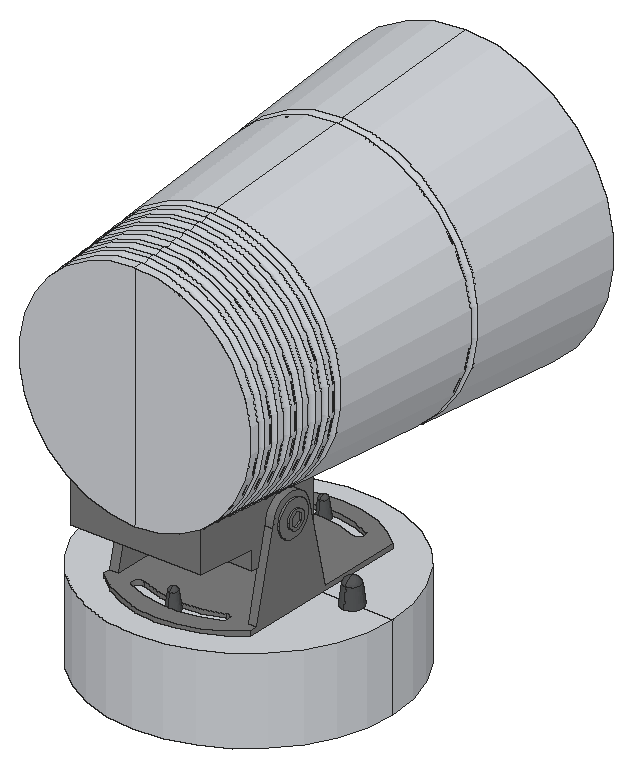
Revit family "REFLECTOR LANDSCAPE 01_RM16W.2.18", category Luminarias, Revit 2019
Family settings
  Cota de conector redondo = Diámetro de uso
  Tipo de pieza = Normal
  Se basa en plano de trabajo = Sí
  Siempre vertical = No
  Corte con vacíos al cargar = No
  Origen de luz = Sí
  Compartido = No
  Punto de cálculo de habitación = No
Parameters (values of type "RM16W.2.18")
  Ángulo de inclinación = 32.00°
  Zone [instance] = ""
  Watt per fixture = 17
  Wattage = 17 W
  built-in parameter 1150107 = 3000 (stored number, unit not read)
  built-in parameter 1150110 = 1 (stored number, unit not read)
  built-in parameter 1150109 = 1 (stored number, unit not read)
  built-in parameter 1150112 = 1 (stored number, unit not read)
  built-in parameter 1150113 = 1 (stored number, unit not read)
  built-in parameter 1114218 = 1 (stored number, unit not read)
  Keynote = ""
  built-in parameter 1150137 = (empty or 0)
  built-in parameter 1150132 = (empty or 0)
  Modelo = "RM16W.2.18"
  Lámpara = "NICHIA"
  built-in parameter 1150105 = 97.47 (stored number, unit not read)
  built-in parameter 1150102 = (empty or 0)
  built-in parameter 1150106 = 0.9747 (stored number, unit not read)
  Lumens = 1224.85 lm
  Color Filter = 16777215
  built-in parameter 1114217 = 1 (stored number, unit not read)
  built-in parameter 1150139 = (empty or 0)
  Fabricante = "BRILLANT"
  Default Elevation = 0 mm
  built-in parameter 1150104 = 6.6937 (stored number, unit not read)
  Descripción = "LUMINARIA TIPO REFLECTOR MONOCROMATICO DIRIGIBLE, CUERPO EN ALUMINIO FUNDIDO A PRESION CUBIERTO DE POLVO GRIS OSCURO Y VIDRIO TEMPLADO DE 3MM, CON UN PESO DE 2KG, CON 130MM DE LARGO POR 170MM DE ALTURA POR 110MM DE DIAMETRO, CUENTA CON 1 LED TIPO NICHIA CON UN CONSUMO DE 17W, 1225 LUMENES, IP 66, IRC 80, IK06, CABLE H05RN DE 0.5M, APERTURA DE 18 GRADOS POR PROYECTO, ALIMENTADA A 100-277V. ACCESORIOS OPCIONALES."
  built-in parameter 1150115 = 1 (stored number, unit not read)
  built-in parameter 1150114 = 1 (stored number, unit not read)
  Comentarios de vataje = "100-277V"
  built-in parameter 1150138 = (empty or 0)
  built-in parameter 1150134 = (empty or 0)
  Circuit [instance] = ""
  Dimming Lamp Color Temperature Shift = 1
  Archivo de red fotométrica = "RM16W.2_18º.ies"
  built-in parameter 1150133 = 10 (stored number, unit not read)
Reference planes
  plane 1 "Centro (Frontal/Posterior)": y = 0
  plane 2: z = 0
  plane 3 "Centro (Izquierda/Derecha)": x = 0
  plane 4: z = 170
Forms (mm)
  Revolve 1, solid, not visible
    sketch origin (-170.518, 44.498, 38.393) x (-1, 0, 0) y (0, 0, -1)
      loop
        line (92.846, -301.911) -> (92.846, -298.113) -> (82.028, -298.113)
        arc (82.028, -298.113) -> (87.129, -300.888) -> (92.846, -301.911) r 18.17
      axis (92.846, -298.113) -> (92.846, -301.911)
    angle from 0 to 360
  Extrusion 2, solid, material "Aluminio", not visible
    sketch origin (0, 0, 0) x (0, 1, 0) y (0, 0, 1)
      loop
        line (104, 336.506) -> (-104, 336.506) -> (-104, 228.571) -> (-94, 228.571)
        arc (-94, 228.571) -> (0, 201.039) -> (94, 228.571) r 174.234
        line (94, 228.571) -> (104, 228.571) -> (104, 336.506)
    from -339.373 to 342.161
  Extrusion 3, solid, material "Aluminio", not visible
    sketch origin (0, 0, 0) x (1, 0, 0) y (0, 1, 0)
      loop
        arc (-299.373, 104) -> (-315.725, 100.505) -> (-329.219, 90.632) r 40
        arc (-329.219, 90.632) -> (-323.254, 83.056) -> (-331.965, 87.19) r 4.952
        arc (-331.965, 87.19) -> (-337.476, 76.172) -> (-339.373, 64) r 40
        line (-339.373, 64) -> (-339.373, 1.506)
        arc (-339.373, 1.506) -> (-329.699, 0.016) -> (-339.373, -1.475) r 4.952
        line (-339.373, -1.475) -> (-339.373, -64)
        arc (-339.373, -64) -> (-337.476, -76.172) -> (-331.965, -87.19) r 40
        arc (-331.965, -87.19) -> (-323.254, -83.056) -> (-329.219, -90.632) r 4.952
        arc (-329.219, -90.632) -> (-315.725, -100.505) -> (-299.373, -104) r 40
        line (-299.373, -104) -> (-226.105, -104)
        arc (-226.105, -104) -> (-224.373, -94.409) -> (-222.642, -104) r 4.952
        line (-222.642, -104) -> (-77.408, -104)
        arc (-77.408, -104) -> (-75, -94.721) -> (-72.592, -104) r 4.952
        line (-72.592, -104) -> (-2.408, -104)
        arc (-2.408, -104) -> (0, -94.721) -> (2.408, -104) r 4.952
        line (2.408, -104) -> (72.592, -104)
        arc (72.592, -104) -> (75, -94.721) -> (77.408, -104) r 4.952
        line (77.408, -104) -> (177.592, -104)
        arc (177.592, -104) -> (180, -94.721) -> (182.408, -104) r 4.952
        line (182.408, -104) -> (302.161, -104)
        arc (302.161, -104) -> (318.513, -100.505) -> (332.007, -90.632) r 40
        arc (332.007, -90.632) -> (326.043, -83.056) -> (334.754, -87.19) r 4.952
        arc (334.754, -87.19) -> (340.265, -76.172) -> (342.161, -64) r 40
        line (342.161, -64) -> (342.161, -1.475)
        arc (342.161, -1.475) -> (332.487, 0.016) -> (342.161, 1.506) r 4.952
        line (342.161, 1.506) -> (342.161, 64)
        arc (342.161, 64) -> (340.265, 76.172) -> (334.754, 87.19) r 40
        arc (334.754, 87.19) -> (326.043, 83.056) -> (332.007, 90.632) r 4.952
        arc (332.007, 90.632) -> (318.513, 100.505) -> (302.161, 104) r 40
        line (302.161, 104) -> (182.408, 104)
        arc (182.408, 104) -> (180, 94.721) -> (177.592, 104) r 4.952
        line (177.592, 104) -> (77.408, 104)
        arc (77.408, 104) -> (75, 94.721) -> (72.592, 104) r 4.952
        line (72.592, 104) -> (2.408, 104)
        arc (2.408, 104) -> (0, 94.721) -> (-2.408, 104) r 4.952
        line (-2.408, 104) -> (-72.592, 104)
        arc (-72.592, 104) -> (-75, 94.721) -> (-77.408, 104) r 4.952
        line (-77.408, 104) -> (-221.965, 104)
        arc (-221.965, 104) -> (-224.373, 94.721) -> (-226.781, 104) r 4.952
        line (-226.781, 104) -> (-299.373, 104)
      loop
        arc (-299.373, 79) -> (-309.98, 74.607) -> (-314.373, 64) r 15
        line (-314.373, 64) -> (-314.373, -64)
        arc (-314.373, -64) -> (-309.98, -74.607) -> (-299.373, -79) r 15
        line (-299.373, -79) -> (302.161, -79)
        arc (302.161, -79) -> (312.768, -74.607) -> (317.161, -64) r 15
        line (317.161, -64) -> (317.161, 64)
        arc (317.161, 64) -> (312.768, 74.607) -> (302.161, 79) r 15
        line (302.161, 79) -> (-299.373, 79)
    from 336.506 to 345
  Extrusion 4, void, not visible
    sketch origin (0, 0, 0) x (1, 0, 0) y (0, 1, 0)
      loop
        arc (-339.373, 64) -> (-327.658, 92.284) -> (-299.373, 104) r 40
        line (-299.373, 104) -> (-339.373, 104) -> (-339.373, 64)
      loop
        line (-339.373, -64) -> (-339.373, -104) -> (-299.373, -104)
        arc (-299.373, -104) -> (-327.658, -92.284) -> (-339.373, -64) r 40
      loop
        line (342.161, 64) -> (342.161, 104) -> (302.161, 104)
        arc (302.161, 104) -> (330.446, 92.284) -> (342.161, 64) r 40
      loop
        arc (342.161, -64) -> (330.446, -92.284) -> (302.161, -104) r 40
        line (302.161, -104) -> (342.161, -104) -> (342.161, -64)
    from 176.462 to 336.506
  Extrusion 5, void, not visible
    sketch origin (0, 0, 0) x (1, 0, 0) y (0, 0, 1)
      loop
        line (-339.373, 184.64) -> (-274.373, 184.64) -> (-274.373, 259.64) -> (-339.373, 259.64) -> (-339.373, 184.64)
    from -104 to 104
  Extrusion 6, solid, material "Cristal", not visible
    sketch origin (0, 0, 0) x (1, 0, 0) y (0, 1, 0)
      loop
        arc (-299.373, 79) -> (-309.98, 74.607) -> (-314.373, 64) r 15
        line (-314.373, 64) -> (-314.373, -64)
        arc (-314.373, -64) -> (-309.98, -74.607) -> (-299.373, -79) r 15
        line (-299.373, -79) -> (302.161, -79)
        arc (302.161, -79) -> (312.768, -74.607) -> (317.161, -64) r 15
        line (317.161, -64) -> (317.161, 64)
        arc (317.161, 64) -> (312.768, 74.607) -> (302.161, 79) r 15
        line (302.161, 79) -> (-299.373, 79)
    from 342.509 to 345
  Revolve 7, solid, not visible
    sketch origin (356.21, 44.498, 38.393) x (-1, 0, 0) y (0, 0, -1)
      loop
        line (92.846, -301.911) -> (92.846, -298.113) -> (82.028, -298.113)
        arc (82.028, -298.113) -> (87.129, -300.888) -> (92.846, -301.911) r 18.17
      axis (92.846, -298.113) -> (92.846, -301.911)
    angle from 0 to 360
  Revolve 8, solid, not visible
    sketch origin (-104.677, 44.498, 38.393) x (-1, 0, 0) y (0, 0, -1)
      loop
        line (92.846, -301.911) -> (92.846, -298.113) -> (82.028, -298.113)
        arc (82.028, -298.113) -> (87.129, -300.888) -> (92.846, -301.911) r 18.17
      axis (92.846, -298.113) -> (92.846, -301.911)
    angle from 0 to 360
  Revolve 9, solid, not visible
    sketch origin (-38.836, 44.498, 38.393) x (-1, 0, 0) y (0, 0, -1)
      loop
        line (92.846, -301.911) -> (92.846, -298.113) -> (82.028, -298.113)
        arc (82.028, -298.113) -> (87.129, -300.888) -> (92.846, -301.911) r 18.17
      axis (92.846, -298.113) -> (92.846, -301.911)
    angle from 0 to 360
  Revolve 10, solid, not visible
    sketch origin (27.005, 44.498, 38.393) x (-1, 0, 0) y (0, 0, -1)
      loop
        line (92.846, -301.911) -> (92.846, -298.113) -> (82.028, -298.113)
        arc (82.028, -298.113) -> (87.129, -300.888) -> (92.846, -301.911) r 18.17
      axis (92.846, -298.113) -> (92.846, -301.911)
    angle from 0 to 360
  Revolve 11, solid, not visible
    sketch origin (92.846, 44.498, 38.393) x (-1, 0, 0) y (0, 0, -1)
      loop
        line (92.846, -301.911) -> (92.846, -298.113) -> (82.028, -298.113)
        arc (82.028, -298.113) -> (87.129, -300.888) -> (92.846, -301.911) r 18.17
      axis (92.846, -298.113) -> (92.846, -301.911)
    angle from 0 to 360
  Revolve 12, solid, not visible
    sketch origin (158.687, 44.498, 38.393) x (-1, 0, 0) y (0, 0, -1)
      loop
        line (92.846, -301.911) -> (92.846, -298.113) -> (82.028, -298.113)
        arc (82.028, -298.113) -> (87.129, -300.888) -> (92.846, -301.911) r 18.17
      axis (92.846, -298.113) -> (92.846, -301.911)
    angle from 0 to 360
  Revolve 13, solid, not visible
    sketch origin (224.528, 44.498, 38.393) x (-1, 0, 0) y (0, 0, -1)
      loop
        line (92.846, -301.911) -> (92.846, -298.113) -> (82.028, -298.113)
        arc (82.028, -298.113) -> (87.129, -300.888) -> (92.846, -301.911) r 18.17
      axis (92.846, -298.113) -> (92.846, -301.911)
    angle from 0 to 360
  Revolve 14, solid, not visible
    sketch origin (290.369, 44.498, 38.393) x (-1, 0, 0) y (0, 0, -1)
      loop
        line (92.846, -301.911) -> (92.846, -298.113) -> (82.028, -298.113)
        arc (82.028, -298.113) -> (87.129, -300.888) -> (92.846, -301.911) r 18.17
      axis (92.846, -298.113) -> (92.846, -301.911)
    angle from 0 to 360
  Revolve 15, solid, not visible
    sketch origin (-137.598, 0, 38.393) x (-1, 0, 0) y (0, 0, -1)
      loop
        line (92.846, -301.911) -> (92.846, -298.113) -> (82.028, -298.113)
        arc (82.028, -298.113) -> (87.129, -300.888) -> (92.846, -301.911) r 18.17
      axis (92.846, -298.113) -> (92.846, -301.911)
    angle from 0 to 360
  Revolve 16, solid, not visible
    sketch origin (389.13, 0, 38.393) x (-1, 0, 0) y (0, 0, -1)
      loop
        line (92.846, -301.911) -> (92.846, -298.113) -> (82.028, -298.113)
        arc (82.028, -298.113) -> (87.129, -300.888) -> (92.846, -301.911) r 18.17
      axis (92.846, -298.113) -> (92.846, -301.911)
    angle from 0 to 360
  Revolve 17, solid, not visible
    sketch origin (-71.757, 0, 38.393) x (-1, 0, 0) y (0, 0, -1)
      loop
        line (92.846, -301.911) -> (92.846, -298.113) -> (82.028, -298.113)
        arc (82.028, -298.113) -> (87.129, -300.888) -> (92.846, -301.911) r 18.17
      axis (92.846, -298.113) -> (92.846, -301.911)
    angle from 0 to 360
  Revolve 18, solid, not visible
    sketch origin (-5.916, 0, 38.393) x (-1, 0, 0) y (0, 0, -1)
      loop
        line (92.846, -301.911) -> (92.846, -298.113) -> (82.028, -298.113)
        arc (82.028, -298.113) -> (87.129, -300.888) -> (92.846, -301.911) r 18.17
      axis (92.846, -298.113) -> (92.846, -301.911)
    angle from 0 to 360
  Revolve 19, solid, not visible
    sketch origin (59.925, 0, 38.393) x (-1, 0, 0) y (0, 0, -1)
      loop
        line (92.846, -301.911) -> (92.846, -298.113) -> (82.028, -298.113)
        arc (82.028, -298.113) -> (87.129, -300.888) -> (92.846, -301.911) r 18.17
      axis (92.846, -298.113) -> (92.846, -301.911)
    angle from 0 to 360
  Revolve 20, solid, not visible
    sketch origin (125.766, 0, 38.393) x (-1, 0, 0) y (0, 0, -1)
      loop
        line (92.846, -301.911) -> (92.846, -298.113) -> (82.028, -298.113)
        arc (82.028, -298.113) -> (87.129, -300.888) -> (92.846, -301.911) r 18.17
      axis (92.846, -298.113) -> (92.846, -301.911)
    angle from 0 to 360
  Revolve 21, solid, not visible
    sketch origin (191.607, 0, 38.393) x (-1, 0, 0) y (0, 0, -1)
      loop
        line (92.846, -301.911) -> (92.846, -298.113) -> (82.028, -298.113)
        arc (82.028, -298.113) -> (87.129, -300.888) -> (92.846, -301.911) r 18.17
      axis (92.846, -298.113) -> (92.846, -301.911)
    angle from 0 to 360
  Revolve 22, solid, not visible
    sketch origin (257.448, 0, 38.393) x (-1, 0, 0) y (0, 0, -1)
      loop
        line (92.846, -301.911) -> (92.846, -298.113) -> (82.028, -298.113)
        arc (82.028, -298.113) -> (87.129, -300.888) -> (92.846, -301.911) r 18.17
      axis (92.846, -298.113) -> (92.846, -301.911)
    angle from 0 to 360
  Revolve 23, solid, not visible
    sketch origin (323.289, 0, 38.393) x (-1, 0, 0) y (0, 0, -1)
      loop
        line (92.846, -301.911) -> (92.846, -298.113) -> (82.028, -298.113)
        arc (82.028, -298.113) -> (87.129, -300.888) -> (92.846, -301.911) r 18.17
      axis (92.846, -298.113) -> (92.846, -301.911)
    angle from 0 to 360
  Revolve 24, solid, not visible
    sketch origin (-170.518, -44.498, 38.393) x (-1, 0, 0) y (0, 0, 1)
      loop
        arc (92.846, 301.911) -> (87.129, 300.888) -> (82.028, 298.113) r 18.17
        line (82.028, 298.113) -> (92.846, 298.113) -> (92.846, 301.911)
      axis (92.846, 298.113) -> (92.846, 301.911)
    angle from 0 to 360
  Revolve 25, solid, not visible
    sketch origin (356.21, -44.498, 38.393) x (-1, 0, 0) y (0, 0, 1)
      loop
        arc (92.846, 301.911) -> (87.129, 300.888) -> (82.028, 298.113) r 18.17
        line (82.028, 298.113) -> (92.846, 298.113) -> (92.846, 301.911)
      axis (92.846, 298.113) -> (92.846, 301.911)
    angle from 0 to 360
  Revolve 26, solid, not visible
    sketch origin (-104.677, -44.498, 38.393) x (-1, 0, 0) y (0, 0, 1)
      loop
        arc (92.846, 301.911) -> (87.129, 300.888) -> (82.028, 298.113) r 18.17
        line (82.028, 298.113) -> (92.846, 298.113) -> (92.846, 301.911)
      axis (92.846, 298.113) -> (92.846, 301.911)
    angle from 0 to 360
  Revolve 27, solid, not visible
    sketch origin (-38.836, -44.498, 38.393) x (-1, 0, 0) y (0, 0, 1)
      loop
        arc (92.846, 301.911) -> (87.129, 300.888) -> (82.028, 298.113) r 18.17
        line (82.028, 298.113) -> (92.846, 298.113) -> (92.846, 301.911)
      axis (92.846, 298.113) -> (92.846, 301.911)
    angle from 0 to 360
  Revolve 28, solid, not visible
    sketch origin (27.005, -44.498, 38.393) x (-1, 0, 0) y (0, 0, 1)
      loop
        arc (92.846, 301.911) -> (87.129, 300.888) -> (82.028, 298.113) r 18.17
        line (82.028, 298.113) -> (92.846, 298.113) -> (92.846, 301.911)
      axis (92.846, 298.113) -> (92.846, 301.911)
    angle from 0 to 360
  Revolve 29, solid, not visible
    sketch origin (92.846, -44.498, 38.393) x (-1, 0, 0) y (0, 0, 1)
      loop
        arc (92.846, 301.911) -> (87.129, 300.888) -> (82.028, 298.113) r 18.17
        line (82.028, 298.113) -> (92.846, 298.113) -> (92.846, 301.911)
      axis (92.846, 298.113) -> (92.846, 301.911)
    angle from 0 to 360
  Revolve 30, solid, not visible
    sketch origin (158.687, -44.498, 38.393) x (-1, 0, 0) y (0, 0, 1)
      loop
        arc (92.846, 301.911) -> (87.129, 300.888) -> (82.028, 298.113) r 18.17
        line (82.028, 298.113) -> (92.846, 298.113) -> (92.846, 301.911)
      axis (92.846, 298.113) -> (92.846, 301.911)
    angle from 0 to 360
  Revolve 31, solid, not visible
    sketch origin (224.528, -44.498, 38.393) x (-1, 0, 0) y (0, 0, 1)
      loop
        arc (92.846, 301.911) -> (87.129, 300.888) -> (82.028, 298.113) r 18.17
        line (82.028, 298.113) -> (92.846, 298.113) -> (92.846, 301.911)
      axis (92.846, 298.113) -> (92.846, 301.911)
    angle from 0 to 360
  Revolve 32, solid, not visible
    sketch origin (290.369, -44.498, 38.393) x (-1, 0, 0) y (0, 0, 1)
      loop
        arc (92.846, 301.911) -> (87.129, 300.888) -> (82.028, 298.113) r 18.17
        line (82.028, 298.113) -> (92.846, 298.113) -> (92.846, 301.911)
      axis (92.846, 298.113) -> (92.846, 301.911)
    angle from 0 to 360
  Revolve 33, solid
    sketch origin (0, 0, 0) x (1, 0, 0) y (0, 0, 1)
      loop
        line (-56, 0) -> (-51, 0) -> (-51, 28) -> (0, 28) -> (0, 33) -> (-56, 33) -> (-56, 0)
      axis (0, 33) -> (0, 0)
    angle from 0 to 360
  Revolve 34, solid
    sketch origin (0, 0, -55) x (0, 1, 0) y (0, 0, 1)
      loop
        line (105.563, 115.748) -> (42.633, 120.589) -> (42.633, 126.271) -> (38.979, 126.271) -> (35.954, 127.081) -> (18.276, 144.759) -> (18.276, 155)
        arc (18.276, 155) -> (24.402, 161.471) -> (26.981, 170) r 19.358
        line (26.981, 170) -> (-55, 170) -> (-55, 125) -> (-51.764, 124.751)
        arc (-51.764, 124.751) -> (-50.024, 125.659) -> (-48.443, 124.496) r 1.854
        line (-48.443, 124.496) -> (-46.174, 124.321)
        arc (-46.174, 124.321) -> (-44.435, 125.229) -> (-42.854, 124.066) r 1.854
        line (-42.854, 124.066) -> (-40.585, 123.891)
        arc (-40.585, 123.891) -> (-38.845, 124.799) -> (-37.265, 123.636) r 1.854
        line (-37.265, 123.636) -> (-34.996, 123.461)
        arc (-34.996, 123.461) -> (-33.256, 124.369) -> (-31.675, 123.206) r 1.854
        line (-31.675, 123.206) -> (-29.406, 123.031)
        arc (-29.406, 123.031) -> (-27.666, 123.939) -> (-26.086, 122.776) r 1.854
        line (-26.086, 122.776) -> (-23.817, 122.601)
        arc (-23.817, 122.601) -> (-22.077, 123.509) -> (-20.497, 122.346) r 1.854
        line (-20.497, 122.346) -> (-18.227, 122.171)
        arc (-18.227, 122.171) -> (-16.488, 123.079) -> (-14.907, 121.916) r 1.854
        line (-14.907, 121.916) -> (42.633, 117.49)
        arc (42.633, 117.49) -> (44.372, 118.398) -> (45.953, 117.234) r 1.854
        line (45.953, 117.234) -> (105.563, 112.649) -> (105.563, 115.748)
      axis (-55, 170) -> (105.563, 170)
    angle from 0 to 360
  Extrusion 35, solid, material "Aluminio"
    sketch origin (0, 0, -55) x (0, 1, 0) y (0, 0, 1)
      loop
        line (-54.831, 155.951) -> (-54.831, 116.739) -> (-29.908, 114.78) -> (-29.908, 107.468) -> (0, 105.117) -> (0, 151.64) -> (-54.831, 155.951)
    from -25.149 to 25.149
  Extrusion 36, solid, material "Aluminio"
    sketch origin (0, 0, 0) x (0, 1, 0) y (0, 0, 1)
      loop
        line (2, 33) -> (-6.023, 65.593)
        arc (-6.023, 65.593) -> (-14.907, 74.478) -> (-23.792, 65.593) r 8.885
        line (-23.792, 65.593) -> (-31.939, 33) -> (2, 33)
    from -28.531 to -25.149
  Extrusion 37, solid, material "Aluminio"
    sketch origin (0, 0, 8.125) x (0, 1, 0) y (0, 0, 1)
      loop
        circle (-14.907, 57.468) r 6.883
    from -29.584 to -28.531
  Extrusion 38, solid, material "Aluminio"
    sketch origin (0, 0, 8.125) x (0, 1, 0) y (0, 0, 1)
      loop
        circle (-14.907, 57.468) r 3.559
      loop
        line (-14.907, 60.379) -> (-17.428, 58.924) -> (-17.428, 56.013) -> (-14.907, 54.557) -> (-12.386, 56.013) -> (-12.386, 58.924) -> (-14.907, 60.379)
    from -30.722 to -29.584
  Extrusion 39, solid, material "Aluminio"
    sketch origin (0, 0, 0) x (1, 0, 0) y (0, 1, 0)
      loop
        line (28.531, -34.399) -> (28.531, 34.399)
        arc (28.531, 34.399) -> (0, 45.988) -> (-28.531, 34.399) r 40.914
        line (-28.531, 34.399) -> (-28.531, -34.399)
        arc (-28.531, -34.399) -> (0, -45.988) -> (28.531, -34.399) r 40.914
      loop
        arc (-17.728, 34.973) -> (-18.424, 31.886) -> (-15.382, 31.012) r 2.306
        arc (-15.382, 31.012) -> (0.2, 34.013) -> (15.751, 30.86) r 40.914
        arc (15.751, 30.86) -> (18.519, 32.062) -> (17.728, 34.973) r 2.306
        arc (17.728, 34.973) -> (0, 39.014) -> (-17.728, 34.973) r 40.914
      loop
        arc (-17.728, -34.973) -> (0, -39.014) -> (17.728, -34.973) r 40.914
        arc (17.728, -34.973) -> (18.519, -32.062) -> (15.751, -30.86) r 2.306
        arc (15.751, -30.86) -> (0.2, -34.013) -> (-15.382, -31.012) r 40.914
        arc (-15.382, -31.012) -> (-18.424, -31.886) -> (-17.728, -34.973) r 2.306
    from 33 to 34.635
  Extrusion 40, solid, material "Aluminio"
    sketch origin (0, 0, 0) x (0, 1, 0) y (0, 0, -1)
      loop
        line (2, -33) -> (-31.939, -33) -> (-23.792, -65.593)
        arc (-23.792, -65.593) -> (-14.907, -74.478) -> (-6.023, -65.593) r 8.885
        line (-6.023, -65.593) -> (2, -33)
    from -28.531 to -25.149
  Extrusion 41, solid, material "Aluminio"
    sketch origin (0, 0, 8.125) x (0, 1, 0) y (0, 0, -1)
      loop
        circle (-14.907, -57.468) r 6.883
    from -29.584 to -28.531
  Extrusion 42, solid, material "Aluminio"
    sketch origin (0, 0, 8.125) x (0, 1, 0) y (0, 0, -1)
      loop
        circle (-14.907, -57.468) r 3.559
      loop
        line (-14.907, -60.379) -> (-12.386, -58.924) -> (-12.386, -56.013) -> (-14.907, -54.557) -> (-17.428, -56.013) -> (-17.428, -58.924) -> (-14.907, -60.379)
    from -30.722 to -29.584
  Revolve 43, solid, material "Plastico"
    sketch origin (0, 2.08, 0) x (0, 1, 0) y (0, 0, 1)
      loop
        line (36.899, 33) -> (36.085, 39.627)
        arc (36.085, 39.627) -> (35.469, 40.576) -> (34.399, 40.945) r 1.738
        line (34.399, 40.945) -> (34.399, 33) -> (36.899, 33)
      axis (34.399, 33) -> (34.399, 40.945)
    angle from 0 to 360
  Revolve 44, solid, material "Plastico"
    sketch origin (0, -2.08, 0) x (0, -1, 0) y (0, 0, 1)
      loop
        line (36.899, 33) -> (36.085, 39.627)
        arc (36.085, 39.627) -> (35.469, 40.576) -> (34.399, 40.945) r 1.738
        line (34.399, 40.945) -> (34.399, 33) -> (36.899, 33)
      axis (34.399, 33) -> (34.399, 40.945)
    angle from 0 to 360
  Revolve 45, solid, material "Plastico"
    sketch origin (-40.324, 34.227, 0) x (0, -1, 0) y (0, 0, 1)
      loop
        line (38.461, 33) -> (37.551, 40.413)
        arc (37.551, 40.413) -> (36.399, 42.187) -> (34.399, 42.876) r 3.249
        line (34.399, 42.876) -> (34.399, 33) -> (38.461, 33)
      axis (34.399, 33) -> (34.399, 42.876)
    angle from 0 to 360
  Revolve 46, solid, material "Plastico"
    sketch origin (40.324, 34.227, 0) x (0, -1, 0) y (0, 0, 1)
      loop
        line (38.461, 33) -> (37.551, 40.413)
        arc (37.551, 40.413) -> (36.399, 42.187) -> (34.399, 42.876) r 3.249
        line (34.399, 42.876) -> (34.399, 33) -> (38.461, 33)
      axis (34.399, 33) -> (34.399, 42.876)
    angle from 0 to 360
  Extrusion 47, solid, material "Cristal"
    sketch origin (0, 0, 0) x (1, 0, 0) y (0, 0, 1)
      loop
        circle (0, 115) r 43.729
    from -41.19 to -42.633
Cuts and joins
  joined: Extrusion 36, Extrusion 39, Extrusion 40
Dimensions and locks
  plane 4 to level = 170 mm  (x2)
  plane 3 "Centro (Izquierda/Derecha)" to Revolve 33 sketch curve = 56 mm
  Revolve 34 sketch curve to Revolve 34 sketch curve = 45 mm
  plane 4 to Revolve 34 sketch curve = 112.351 mm
  Revolve 34 sketch curve to Revolve 34 sketch curve = 160.563 mm
  Revolve 33 to Revolve 33 = 33 mm
  aligned and locked: level to plane 2
Connectors
  electrical at (0, 0, 0)
    settings: on Revolve 33, index 1, voltage 277 V, apparent load 0 VA, apparent load phase1 0 VA, apparent load phase2 0 VA, apparent load phase3 0 VA, power factor 1, load classification "Otro", number of poles 1, system type 31, power factor state 1, is connector primary yes, connector utility no, sub classification motor no, connector description ""
